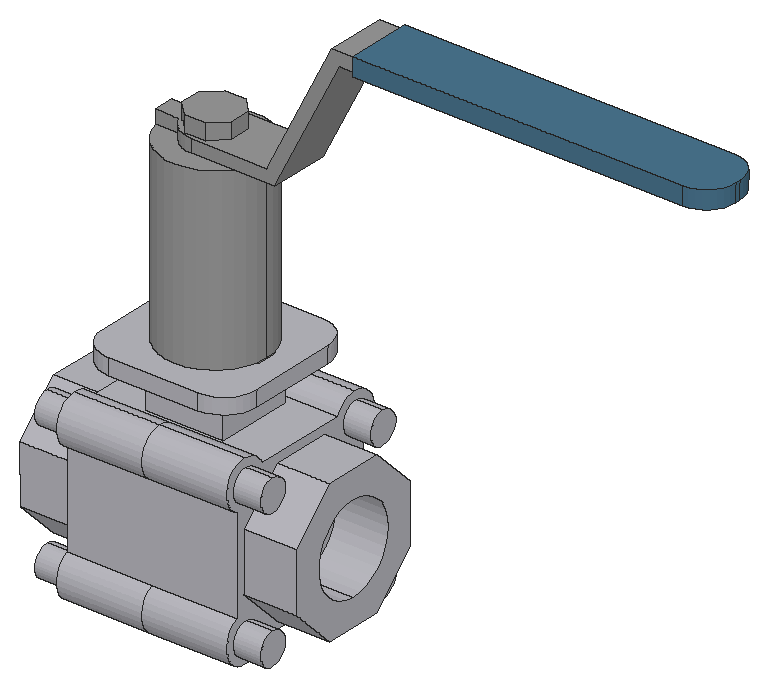
Revit family "320ASEK-Ball-Valve", category Pipe Accessories, Revit 2018
Family settings
  Round Connector Dimension = Use Diameter
  Part Type = Valve - Breaks Into
  OmniClass Number = 23.60.30.11.14
  OmniClass Title = Pipework Fittings
  Work Plane-Based = No
  Always vertical = Yes
  Cut with Voids When Loaded = No
  Shared = No
Parameters
  Z4 [instance] = size_lookup(LookupTable, "Z4", 0.000", Nominal Diameter)  # 0.920"
  Z3 [instance] = size_lookup(LookupTable, "Z3", 0.000", Nominal Diameter)  # 0.200"
  Weight [instance] = size_lookup(LookupTable, "Weight", "NA", Nominal Diameter)  # "4.59 lbs."
  URL = "http://www.fnw.com"
  Standards Lookup Table = "Standards"  # constant formula
  R3 [instance] = size_lookup(LookupTable, "R3", 0.000", Nominal Diameter)  # 1.24451"
  Product ID Handle [instance] = size_lookup(LookupTable, "ProductIDHandle", "NA", Nominal Diameter)  # "4448723"
  Product ID [instance] = size_lookup(LookupTable, "ProductID", "NA", Nominal Diameter)  # "4106062"
  Pipe Diameter [instance] = size_lookup(Standards Lookup Table, "copper", 0.000", Nominal Diameter)  # 1.125"
  Pins [instance] = Lm / 2  # 0.880"
  Pin Length [instance] = X2 * 4 + X3  # 2.8824"
  Pin Diameter [instance] = size_lookup(LookupTable, "m", 0.000", Nominal Diameter)  # 0.400"
  Pin Bung [instance] = Pin Diameter * 1.5  # 0.600"
  Part Number Handle [instance] = size_lookup(LookupTable, "PartNumberHandle", "NA", Nominal Diameter)  # "FNW320ASEKGH"
  Part Number [instance] = size_lookup(LookupTable, "PartNumber", "NA", Nominal Diameter)  # "FNW320AG"
  PIpe Radius [instance] = Pipe Diameter / 2  # 0.5625"
  NPT Insert [instance] = size_lookup(Standards Lookup Table, "NPT_insert", 0.000", Nominal Diameter)  # 0.6828"
  Manufacturer = "FNW"  # constant formula
  Lm [instance] = size_lookup(LookupTable, "lm", 0.000", Nominal Diameter)  # 1.760"
  Grip Pin4 [instance] = X3 / 2 + (X2 * 2)  # 1.4412"
  Gear [instance] = D3_Half - 0.063"  # 0.4295"
  Description BOM Handle [instance] = size_lookup(LookupTable, "Description_BOMHandle", "NA", Nominal Diameter)  # "1 - 1-1/4 STEM Extension Kit 320A BV"
  Description BOM [instance] = size_lookup(LookupTable, "Description_BOM", "NA", Nominal Diameter)  # "1 Stainless Steel 2000# Threaded 3 Piece Full Port BV"
  Z2 [instance] = size_lookup(LookupTable, "Z2", 0.000", Nominal Diameter)  # 0.300"
  Z1 [instance] = size_lookup(LookupTable, "Z1", 0.000", Nominal Diameter)  # 1.290"
  X3 [instance] = size_lookup(LookupTable, "X3", 0.000", Nominal Diameter)  # 1.4664"
  X2 [instance] = size_lookup(LookupTable, "X2", 0.000", Nominal Diameter)  # 0.354"
  X1 [instance] = size_lookup(LookupTable, "X1", 0.000", Nominal Diameter)  # 0.6828"
  Show Lever Clearance [instance] = no
  R2 [instance] = size_lookup(LookupTable, "R2", 0.000", Nominal Diameter)  # 1.04451"
  R1_Diam [instance] = R1 * 2  # 1.810"
  R1 [instance] = size_lookup(LookupTable, "R1", 0.000", Nominal Diameter)  # 0.905"
  Nominal Radius [instance] = Nominal Diameter / 2  # 0.500"
  Nominal Diameter [instance] = 1.000"
  LookupTable = "320ASEK-Ball-Valve"  # constant formula
  HexAngle1 [instance] = 135.00°  # constant formula
  D4 [instance] = size_lookup(LookupTable, "D4", 0.000", Nominal Diameter)  # 0.5625"
  D3_Half [instance] = D3 / 2  # 0.4925"
  D3 [instance] = size_lookup(LookupTable, "D3", 0.000", Nominal Diameter)  # 0.985"
  D2_Half [instance] = D2 / 2  # 0.73875"
  D2 [instance] = size_lookup(LookupTable, "D2", 0.000", Nominal Diameter)  # 1.4775"
  D1_Half [instance] = D1 / 2  # 0.985"
  D1 [instance] = size_lookup(LookupTable, "D1", 0.000", Nominal Diameter)  # 1.970"
  Body_W [instance] = Lm / 2 + 0.125"  # 1.005"
  1_Z5 [instance] = size_lookup(LookupTable, "1_Z5", 0.000", Nominal Diameter)  # 0.250"
  1_Z4 [instance] = size_lookup(LookupTable, "1_Z4", 0.000", Nominal Diameter)  # 0.125"
  1_Z3 [instance] = size_lookup(LookupTable, "1_Z3", 0.000", Nominal Diameter)  # 2.283"
  1_Z2 [instance] = size_lookup(LookupTable, "1_Z2", 0.000", Nominal Diameter)  # 0.1644"
  1_Z1 [instance] = size_lookup(LookupTable, "1_Z1", 0.000", Nominal Diameter)  # 1.66135"
  1_Y1 [instance] = size_lookup(LookupTable, "1_Y1", 0.000", Nominal Diameter)  # 0.760"
  1_X6 [instance] = size_lookup(LookupTable, "1_X6", 0.000", Nominal Diameter)  # 0.375"
  1_X5 [instance] = size_lookup(LookupTable, "1_X5", 0.000", Nominal Diameter)  # 0.375"
  1_X4 [instance] = size_lookup(LookupTable, "1_X4", 0.000", Nominal Diameter)  # 0.90315"
  1_X3 [instance] = size_lookup(LookupTable, "1_X3", 0.000", Nominal Diameter)  # 6.690"
  1_X2 [instance] = size_lookup(LookupTable, "1_X2", 0.000", Nominal Diameter)  # 0.83068"
  1_X1 [instance] = size_lookup(LookupTable, "1_X1", 0.000", Nominal Diameter)  # 1.8063"
  1_D1 [instance] = size_lookup(LookupTable, "1_D1", 0.000", Nominal Diameter)  # 1.3138"
Reference planes (in)
  plane 1 "Center (Front/Back)": y = 0
  plane 2: z = 0
  plane 3 "Center (Left/Right)": x = 0
  plane 4 "X7 End": x = -1.77
  plane 5: x = -0.7332
  plane 6: x = 0.7332
  plane 7: x = 1.77
  plane 8 "Pipe radius": z = 0.5625
  plane 9 "NPT": x = -1.0872
  plane 10: z = 0.905
  plane 11: z = 1.29
  plane 12: z = 1.59
  plane 13 "top of pad": z = 1.79
  plane 14: x = 1.0872
  plane 15: x = -1.0872
  plane 16: y = -0.88
  plane 17: z = -0.88
  plane 18: z = 0.88
  plane 19: y = 0.88
  plane 20: x = 10.098
  plane 21: x = -6.87
  plane 22: y = 2.5
  plane 23: y = -2.5
  plane 24: y = -0.88
  plane 25: z = -0.88
  plane 26: z = 0.88
  plane 27: y = 0.88
  plane 28: through (0, 0, 0) normal (0, 0.7071, -0.7071)
  plane 29: through (0, 0, 0) normal (0, 0.7071, 0.7071)
  plane 30: y = -0.88
  plane 31: y = 0.88
  plane 32: y = -1.465
  plane 33: z = -1.465
  plane 34: z = 1.465
  plane 35: y = 1.465
  plane 36 "Pin Plane": x = -1.4412
  plane 37 "NPT 3": x = 1.77
  plane 38: x = 1.4412
  plane 39: z = -1.27275
  plane 40 "LM": z = 1.27275
Forms (in)
  Extrusion 1, solid, material "Steel, Stainless", not visible
    sketch origin (-1.0872, 0, 0) x (0, 0, 1) y (0, -1, 0)
      loop
        circle (0, 0) r 0.5
    from 0 to 2.1744
  Extrusion 2, solid, material "Steel, Stainless"
    sketch origin (1.4276, 0, 0) x (0, 0, 1) y (0, -1, 0)
      loop
        line (-0.37486, -0.905) -> (0.37486, -0.905) -> (0.905, -0.37486) -> (0.905, 0.37486) -> (0.37486, 0.905) -> (-0.37486, 0.905) -> (-0.905, 0.37486) -> (-0.905, -0.37486) -> (-0.37486, -0.905)
      loop
        circle (0, 0) r 0.5625
    from -3.1976 to 0.3424
  Extrusion 3, solid, material "Steel, Stainless"
    sketch origin (0, 0, 0.865) x (-1, 0, 0) y (0, -1, 0)
      loop
        arc (0.56833, -0.985) -> (0.86296, -0.86296) -> (0.985, -0.56833) r 0.41667
        line (0.985, -0.56833) -> (0.985, 0.56833)
        arc (0.985, 0.56833) -> (0.86296, 0.86296) -> (0.56833, 0.985) r 0.41667
        line (0.56833, 0.985) -> (-0.56833, 0.985)
        arc (-0.56833, 0.985) -> (-0.86296, 0.86296) -> (-0.985, 0.56833) r 0.41667
        line (-0.985, 0.56833) -> (-0.985, -0.56833)
        arc (-0.985, -0.56833) -> (-0.86296, -0.86296) -> (-0.56833, -0.985) r 0.41667
        line (-0.56833, -0.985) -> (0.56833, -0.985)
      loop
        circle (0, 0) r 0.4925
      loop
        circle (0, 0) r 0.4295
    from 0.725 to 0.925
  Extrusion 4, solid, material "Steel, Stainless"
    sketch origin (0, 0, 0.865) x (-1, 0, 0) y (0, -1, 0)
      loop
        line (0.4925, -0.4925) -> (0.4925, 0.4925) -> (-0.4925, 0.4925) -> (-0.4925, -0.4925) -> (0.4925, -0.4925)
    from -0.3025 to 0.725
  Extrusion 5, solid, material "Steel, Stainless"
    sketch origin (0, 0, 0.865) x (-1, 0, 0) y (0, -1, 0)
      loop
        line (0.21875, -0.21875) -> (0.21875, 0.21875) -> (-0.21875, 0.21875) -> (-0.21875, -0.21875) -> (0.21875, -0.21875)
    from 0.425 to 0.925
  Extrusion 6, solid, material "Steel, Stainless"
    sketch origin (-1.0872, 0, 0) x (0, 0, 1) y (0, -1, 0)
      loop
        circle (0.88, 0.88) r 0.2
      loop
        circle (0.88, -0.88) r 0.2
      loop
        circle (-0.88, -0.88) r 0.2
      loop
        circle (-0.88, 0.88) r 0.2
    from -0.354 to 2.5284
  Extrusion 7, solid, material "Steel, Stainless"
    sketch origin (-1.0872, 0, 0) x (0, 0, 1) y (0, -1, 0)
      loop
        circle (0.88, -0.88) r 0.3
      loop
        circle (0.88, 0.88) r 0.3
      loop
        circle (-0.88, 0.88) r 0.3
      loop
        circle (-0.88, -0.88) r 0.3
    from 0 to 1.0872
  Extrusion 8, solid, material "Steel, Stainless"
    sketch origin (-1.0872, 0, 0) x (0, 0, 1) y (0, -1, 0)
      loop
        circle (0.88, -0.88) r 0.3
      loop
        circle (0.88, 0.88) r 0.3
      loop
        circle (-0.88, 0.88) r 0.3
      loop
        circle (-0.88, -0.88) r 0.3
    from 1.0872 to 2.1744
  Extrusion 9, solid, material "Steel, Stainless"
    sketch origin (-1.4412, 0, 0) x (0, 0, 1) y (0, -1, 0)
      loop
        line (1.005, -1.005) -> (1.005, 1.005) -> (-1.005, 1.005) -> (-1.005, -1.005) -> (1.005, -1.005)
    from 0.354 to 2.5284
Cuts and joins
  joined: Extrusion 7, Extrusion 8, Extrusion 9
Dimensions and locks (in)
  "PIpe Radius": plane 8 "Pipe radius" to plane 2
  "X1": plane 4 "X7 End" to plane 9 "NPT"
  "R1": Extrusion 2 sketch curve to plane 1 "Center (Front/Back)"
  "R1": plane 1 "Center (Front/Back)" to Extrusion 2 sketch curve  (x5)
  "R1": plane 2 to Extrusion 2 sketch curve  (x2)
  "R1": plane 10 to plane 2
  "Z1": plane 11 to plane 2
  "Z2": plane 12 to plane 11
  "Z3": plane 13 "top of pad" to plane 12
  "X2": plane 5 to plane 9 "NPT"
  "D1_Half": Extrusion 3 sketch curve to plane 3 "Center (Left/Right)"
  "D1_Half": plane 3 "Center (Left/Right)" to Extrusion 3 sketch curve
  "D1_Half": plane 1 "Center (Front/Back)" to Extrusion 3 sketch curve
  "D1_Half": Extrusion 3 sketch curve to plane 1 "Center (Front/Back)"
  "D3_Half": Extrusion 4 sketch curve to plane 3 "Center (Left/Right)"
  "D3_Half": plane 3 "Center (Left/Right)" to Extrusion 4 sketch curve
  "D3_Half": plane 1 "Center (Front/Back)" to Extrusion 4 sketch curve  (x2)
  "NPT Insert": plane 4 "X7 End" to plane 15
  equal spacing: Extrusion 5 sketch curve, plane 1 "Center (Front/Back)", Extrusion 5 sketch curve
  Extrusion 5 sketch curve to Extrusion 5 sketch curve = 0.4375"  (x2)
  equal spacing: Extrusion 5 sketch curve, plane 3 "Center (Left/Right)", Extrusion 5 sketch curve
  "Pins": plane 2 to plane 18
  "Pins": plane 2 to plane 17
  "Pins": plane 1 "Center (Front/Back)" to plane 16
  "Pins": plane 19 to plane 1 "Center (Front/Back)"
  equal spacing: plane 22, plane 1 "Center (Front/Back)", plane 23
  plane 22 to plane 23 = 5.000"
  "Pins": plane 27 to plane 1 "Center (Front/Back)" to plane 24
  "Pins": plane 25 to plane 2 to plane 26
  plane 31 to plane 30 = 1.760"
  equal spacing: plane 31, plane 1 "Center (Front/Back)", plane 30
  "Lm": plane 31 to plane 30
  plane 35 to plane 32 = 2.930"
  plane 33 to plane 34 = 2.930"
  "X2": plane 14 to plane 6
  "X2": plane 15 to plane 36 "Pin Plane"
  equal spacing: plane 6, plane 3 "Center (Left/Right)", plane 5
  "X3": plane 6 to plane 5
  "X1": plane 37 "NPT 3" to plane 14
  "Grip Pin4": Extrusion 6 to plane 3 "Center (Left/Right)"
  "X2": plane 38 to plane 14
  "NPT Insert": plane 7 to plane 14
  "Body_W": Extrusion 9 sketch curve to plane 2
  "Body_W": plane 1 "Center (Front/Back)" to Extrusion 9 sketch curve
  "Body_W": plane 2 to Extrusion 9 sketch curve
  "Body_W": Extrusion 9 sketch curve to plane 1 "Center (Front/Back)"
  "Nominal Radius": radius of Extrusion 1 sketch curve
  "PIpe Radius": radius of Extrusion 2 sketch curve
  radius of Extrusion 3 sketch curve = 0.41667"  (x4)
  "D3_Half": radius of Extrusion 3 sketch curve
  "Gear": radius of Extrusion 3 sketch curve
  "Pin Diameter": diameter of Extrusion 6 sketch curve  (x4)
  "Pin Bung": diameter of Extrusion 7 sketch curve  (x4)
  "Pin Bung": diameter of Extrusion 8 sketch curve  (x4)
  angle Extrusion 2 sketch curve to Extrusion 2 sketch curve = 135.00°  (x7)
  aligned and locked: plane 2 to level
  aligned and locked: plane 4 "X7 End" to Extrusion 2
  aligned and locked: Extrusion 3 to plane 12
  aligned and locked: plane 13 "top of pad" to Extrusion 3
  aligned and locked: Extrusion 4 to plane 8 "Pipe radius"
  aligned and locked: Extrusion 1 to plane 15
  aligned and locked: plane 12 to Extrusion 4
  aligned and locked: Extrusion 5 to plane 11
  aligned and locked: Extrusion 7 to plane 9 "NPT"
  aligned and locked: Extrusion 8 to Extrusion 1
  aligned and locked: plane 14 to Extrusion 8
  aligned and locked: Extrusion 2 to plane 37 "NPT 3"
  aligned and locked: plane 13 "top of pad" to Extrusion 5
  aligned and locked: Extrusion 6 to plane 36 "Pin Plane"
  aligned and locked: plane 3 "Center (Left/Right)" to Extrusion 7
  aligned and locked: Extrusion 8 to plane 3 "Center (Left/Right)"
  aligned and locked: Extrusion 9 to plane 9 "NPT"
  aligned and locked: Extrusion 9 to Extrusion 1
Automatic sketch dimensions
  Extrusion 1 sketch curve to level = 0.000"
  Extrusion 1 sketch curve to plane 1 "Center (Front/Back)" = 0.000"
  Extrusion 2 sketch curve to level = 0.000"
  Extrusion 2 sketch curve to plane 1 "Center (Front/Back)" = 0.000"
  Extrusion 3 sketch curve to Extrusion 3 sketch curve = 0.000"  (x2)
  plane 1 "Center (Front/Back)" to Extrusion 3 sketch curve = 0.000"
  Extrusion 3 sketch curve to plane 3 "Center (Left/Right)" = 0.000"
  Extrusion 6 sketch curve to plane 17 = 0.000"  (x2)
  Extrusion 6 sketch curve to plane 16 = 0.000"  (x2)
  plane 18 to Extrusion 6 sketch curve = 0.000"  (x2)
  Extrusion 6 sketch curve to plane 19 = 0.000"  (x2)
  Extrusion 7 sketch curve to plane 24 = 0.000"  (x2)
  Extrusion 7 sketch curve to plane 25 = 0.000"  (x2)
  plane 26 to Extrusion 7 sketch curve = 0.000"  (x2)
  Extrusion 7 sketch curve to plane 27 = 0.000"  (x2)
  plane 28 to Extrusion 8 sketch curve = 0.000"  (x2)
  Extrusion 8 sketch curve to plane 30 = 0.000"  (x2)
  plane 29 to Extrusion 8 sketch curve = 0.000"  (x2)
  Extrusion 8 sketch curve to plane 31 = 0.000"  (x2)
Nested families (in)
  nested 1: "Nested Lever Ex 320A" at (0, 0, 1.79), Show Lever Clearance <- "Show Lever Clearance", Description BOM <- "Description BOM Handle", Part Number <- "Part Number Handle", Product ID <- "Product ID Handle", Z3 <- "Z3", 1_Z2 <- "1_Z2", 1_Z1 <- "1_Z1", 1_Y1 <- "1_Y1", 1_X3 <- "1_X3", 1_X2 <- "1_X2", 1_X1 <- "1_X1", D3 <- "D3", 1_Z3 <- "1_Z3", 1_Z4 <- "1_Z4", 1_Z5 <- "1_Z5", 1_D1 <- "1_D1", type "Nested Lever Ex 320A"
    with Zero 0.000", Z6 0.125", Z3 0.200", Z1_Z2 0.91288", Void_Outer_Radius 0.4425", Void_Outer 0.885", Tab_Width 0.4425", Tab_Height_Center 0.83068", Show Lever Clearance no, Product ID "4448723", Part Number "FNW320ASEKGH", Nut 0.635", Lock_Tab_Width 1.010", Lock Tab 0.500", Hypotenuse_Tab_Center 0.92872", Grip_L3 0.2269", Grip_L2 0.19565", Grip_L1 0.03125", Description BOM "1 - 1-1/4 STEM Extension Kit 320A BV", D3_Half 0.32833", D3 0.985", Clearance Hieght 6.000", Angle Hex Head 135.00°, Ang_Constraint 39.81°, 1_Z5 0.250", 1_Z4 0.125", 1_Z3 2.283", 1_Z2_X2 0.3288", 1_Z2_Half 0.0822", 1_Z2 0.1644", 1_Z1_Quarter 0.49754", 1_Z1 1.66135", 1_Y1_Half 0.380", 1_Y1 0.760", 1_X3 6.690", 1_X2_Quarter 0.20767", 1_X2_Half 0.41534", 1_X2 0.83068", 1_X1 1.8063", 1_D1_Half 0.6569", 1_D1 1.3138", 0Grip 2.125"
Connectors (in)
  piping at (-1.0872, 0, 0), diameter 1, driven by "Nominal Diameter"
    settings: on Extrusion 1, index 1, connector inside diameter 24", connector length 0.000", flow factor 0, pipe flow 0 GPM, pressure drop 0.00 psi, fitting loss kfactor 0, connector angle 0.00°, fixture units 0, engagement length 0.000", angle of deflection 0.00°, flow configuration 0, flow direction 0, fitting loss method 0, system type 7, joint type 0, gender type 0, connector reference index 2, connector utility 0, adjustable connector no, is connector primary yes, connector description ""
  piping at (1.0872, 0, 0), diameter 1, driven by "Nominal Diameter"
    settings: on Extrusion 1, index 2, connector inside diameter 24", connector length 0.000", flow factor 0, pipe flow 0 GPM, pressure drop 0.00 psi, fitting loss kfactor 0, connector angle 0.00°, fixture units 0, engagement length 0.000", angle of deflection 0.00°, flow configuration 0, flow direction 0, fitting loss method 0, system type 7, joint type 0, gender type 0, connector reference index 1, connector utility 0, adjustable connector no, is connector primary no, connector description ""
Definition of nested family "Nested Lever Ex 320A"
  Parameters (values of type "Nested Lever Ex 320A")
    Zero [instance] = 0.000"  # constant formula
    Z6 [instance] = 0.125"
    Z3 [instance] = 0.125"
    Z1_Z2 [instance] = ([1_Z1] + [1_Z2]) / 2  # 0.71875"
    Tab_Width [instance] = [1_Y1_Half] + (Grip_L1 * 2)  # 1.0625"
    Tab_Height_Center [instance] = [1_Z1] / 2  # 0.625"
    Product ID [instance] = ""
    Part Number [instance] = ""
    Nut [instance] = [1_Y1] - 0.125"  # 1.875"
    Lock_Tab_Width [instance] = [1_Y1] + 0.250"  # 2.250"
    Lock Tab [instance] = 0.500"  # constant formula
    Hypotenuse_Tab_Center [instance] = sqrt(Tab_Height_Center ^ 2 + [1_X2_Half] ^ 2)  # 0.97628"
    Description BOM [instance] = ""
    Angle 2 = 45.00°  # constant formula
    Ang_Constraint [instance] = 39.81°  # constant formula
    1_Z5 [instance] = 0.69253"
    1_Z4 [instance] = 0.31083"
    1_Z3 [instance] = 4.14213"
    1_Z2_X2 [instance] = [1_Z2] * 2  # 0.375"
    1_Z2 [instance] = 0.1875"
    1_Z1_Quarter [instance] = [1_Z1] / 4 + ([1_Z2_Half])  # 0.40625"
    1_Z1 [instance] = 1.250"
    1_Y1_Half [instance] = [1_Y1] / 2  # 1.000"
    1_Y1 [instance] = 2.000"
    1_X3 [instance] = 15.65095"
    1_X2_Quarter [instance] = [1_X2] / 4  # 0.375"
    1_X2_Half [instance] = [1_X2] / 2  # 0.750"
    1_X1 [instance] = 2.500"
    1_X2 [instance] = 1.500"
    Void_Outer_Radius [instance] = Void_Outer / 2  # 1.0625"
    Void_Outer [instance] = [1_Y1] + Grip_L1 * 4  # 2.125"
    Show Lever Clearance [instance] = yes
    Grip_L3 [instance] = Grip_L1 + Grip_L2  # 0.250"
    Grip_L1 [instance] = 0.03125"  # constant formula
    Grip_L2 [instance] = [1_Z2] + Grip_L1  # 0.21875"
    Default Elevation = 48.000"
    D3_Half [instance] = D3 / 3  # 0.23251"
    D3 [instance] = 0.69752"
    Clearance Hieght [instance] = 6.000"  # constant formula
    Angle Hex Head [instance] = 135.00°  # constant formula
    1_Z2_Half [instance] = [1_Z2] / 2  # 0.09375"
    1_D1_Half [instance] = [1_D1] / 2  # 1.000"
    1_D1 [instance] = 2.000"
    0Grip [instance] = 2.125"  # constant formula
  Reference planes (in)
    plane 1 "Center (Front/Back)": y = 0
    plane 2: z = 0
    plane 3 "Center (Left/Right)": x = 0
    plane 4: y = 1
    plane 5: y = -1
    plane 6: y = 1.03125
    plane 7: y = -1.03125
    plane 8: y = 0.5
    plane 9: y = -0.5
    plane 10: x = 2.25
    plane 11: z = 4.32963
    plane 12: x = 15.65095
    plane 13: x = 1.4375
    plane 14: x = 2.9375
    plane 15: z = 5.57963
    plane 16: z = 5.39213
    plane 17: z = 4.45463
    plane 18: z = 5.61088
    plane 19: z = 5.36088
    plane 20: x = 3.15625
    plane 21: z = 3.82963
    plane 22: x = -1.0625
    plane 23: x = 0.23251
    plane 24: x = 1
    plane 25: x = -1
    plane 26: z = -0.69253
    plane 27: z = -0.31083
    plane 28 "Lever Base": z = 4.14213
    plane 29: y = 0.133
    plane 30: y = -0.133
    plane 31: x = 0.1875
  Forms (in)
    Extrusion 1, solid
      sketch origin (0, 0, 0) x (1, 0, 0) y (0, 1, 0)
        loop
          line (-48, 48) -> (-48, -48) -> (48, -48) -> (48, 48) -> (-48, 48)
      from 0 to -12
    Extrusion 2, solid
      sketch origin (0, 0, 8.25) x (1, 0, 0) y (0, 0, 1)
        loop
          line (1.14462, -4.10787) -> (1.4375, -4.10787) -> (2.9375, -2.85787) -> (4.15625, -2.85787) -> (4.15625, -2.67037) -> (2.86962, -2.67037) -> (1.14462, -4.10787)
      from -1 to 1
    Extrusion 3, solid
      sketch origin (0, 0, 8.25) x (1, 0, 0) y (0, 1, 0)
        loop
          line (0.9375, 0.38833) -> (0.38833, 0.9375) -> (-0.38833, 0.9375) -> (-0.9375, 0.38833) -> (-0.9375, -0.38833) -> (-0.38833, -0.9375) -> (0.38833, -0.9375) -> (0.9375, -0.38833) -> (0.9375, 0.38833)
      from -3.92037 to -3.79537
    Extrusion 4, solid
      sketch origin (0, 0, 8.25) x (1, 0, 0) y (0, 1, 0)
        loop
          line (14.65095, 1.03125) -> (3.15625, 1.03125) -> (3.15625, -1.03125) -> (14.65095, -1.03125)
          arc (14.65095, -1.03125) -> (15.35806, -0.73836) -> (15.65095, -0.03125) r 1
          line (15.65095, -0.03125) -> (15.65095, 0.03125)
          arc (15.65095, 0.03125) -> (15.35806, 0.73836) -> (14.65095, 1.03125) r 1
      from -2.88912 to -2.63912
    Extrusion 5, solid, visible <- "Show Lever Clearance"
      sketch origin (2.98898, 0, 4.14213) x (0, 1, 0) y (-1, 0, 0)
        loop
          line (1, 1) -> (-12.66198, 1)
          arc (-12.66198, 1) -> (-8.66048, -8.66048) -> (1, -12.66198) r 13.66198
          line (1, -12.66198) -> (1, 1)
      from 0 to 6 <- "Clearance Hieght"
    Extrusion 6, solid
      sketch origin (0, 0, 8.25) x (1, 0, 0) y (0, 1, 0)
        loop
          line (1.4375, -1) -> (1.4375, 1) -> (0, 1) -> (0, -1) -> (1.4375, -1)
      from -4.10787 to -3.92037
    Revolve 7, solid
      sketch origin (0, 0, 0) x (1, 0, 0) y (0, 0, 1)
        loop
          line (0, 0) -> (1, 0) -> (1, 4.14213) -> (0.625, 4.14213) -> (0.625, 0.28036) -> (0, 0.28036) -> (0, 0)
        axis (0, 4.14213) -> (0, 0)
      angle from 0 to 360
    Extrusion 8, solid
      sketch origin (0, 0, 0) x (1, 0, 0) y (0, 1, 0)
        loop
          line (-1, 0.133) -> (-1, -0.133) -> (-0.8125, -0.133) -> (-0.8125, 0.133) -> (-1, 0.133)
      from -0.69253 to 0
    Extrusion 9, solid
      sketch origin (0, 0, 0) x (1, 0, 0) y (0, 1, 0)
        loop
          line (-1, 0.133) -> (-1, -0.133) -> (-0.875, -0.133) -> (-0.875, 0.133) -> (-1, 0.133)
      from 3.64213 to 4.14213
    Extrusion 10, solid
      sketch origin (0, 0, 0) x (-1, 0, 0) y (0, -1, 0)
        loop
          line (-1, -0.133) -> (-0.8125, -0.133) -> (-0.8125, 0.133) -> (-1, 0.133) -> (-1, -0.133)
      from -0.31083 to 0
    Extrusion 11, solid
      sketch origin (0, 0, 0) x (1, 0, 0) y (0, 1, 0)
        loop
          circle (0, 0) r 1
      from 4.14213 to 4.32963
    Extrusion 12, solid
      sketch origin (0, 0, 4.14213) x (0, 1, 0) y (-1, 0, 0)
        loop
          line (0.133, 1) -> (-0.133, 1) -> (-0.133, 0) -> (0.133, 0) -> (0.133, 1)
      from 0 to 0.1875
  Cuts and joins
    joined: Extrusion 2, Extrusion 6, Extrusion 9, Extrusion 11, Extrusion 12
  Lines and regions (in)
    reference lines
      curve 1: line (0, 0, 7.6012) -> (0, 0, 3.32963)
  Dimensions and locks (in)
    equal spacing: plane 4, plane 1 "Center (Front/Back)", plane 5
    "1_Y1": plane 4 to plane 5
    "Grip_L1": plane 5 to plane 7
    "Grip_L1": plane 6 to plane 4
    equal spacing: plane 9, plane 1 "Center (Front/Back)", plane 8
    "1_Y1_Half": plane 9 to plane 8
    "1_X3": plane 12 to plane 3 "Center (Left/Right)"
    "1_X2": plane 14 to plane 13
    "1_Z2": plane 15 to plane 16
    equal spacing: Extrusion 3 sketch curve, curve 1, Extrusion 3 sketch curve  (x4)
    "Nut": Extrusion 3 sketch curve to Extrusion 3 sketch curve  (x4)
    "Grip_L1": plane 18 to plane 15
    "Grip_L2": plane 15 to plane 19
    "Grip_L2": plane 20 to plane 14
    Extrusion 5 sketch curve to Extrusion 5 sketch curve = 13.66198"  (x2)
    "D3_Half": plane 23 to plane 3 "Center (Left/Right)"
    equal spacing: plane 25, plane 3 "Center (Left/Right)", plane 24
    "1_D1": plane 25 to plane 24
    "1_Z4": plane 27 to plane 2
    "1_Z5": plane 26 to plane 2
    "Lock Tab": plane 21 to plane 11
    "1_Z3": plane 2 to plane 28 "Lever Base"
    "1_Z2_X2": Revolve 7 sketch curve to plane 24
    equal spacing: Extrusion 8 sketch curve, plane 1 "Center (Front/Back)", Extrusion 8 sketch curve
    Extrusion 8 sketch curve to Extrusion 8 sketch curve = 0.26599"
    "1_Z2": plane 25 to Extrusion 8 sketch curve
    Extrusion 9 sketch curve to Extrusion 9 sketch curve = 0.26599"  (x2)
    "Lock Tab": plane 28 "Lever Base" to Extrusion 9
    "1_Z2": plane 28 "Lever Base" to plane 11
    "Z3": plane 11 to plane 17
    plane 11 to plane 15 = 1.250"
    Extrusion 10 sketch curve to Extrusion 10 sketch curve = 0.26599"  (x2)
    "1_Z2": Extrusion 10 to plane 24
    plane 12 to plane 3 "Center (Left/Right)" = 15.65095"
    "1_Z2": plane 15 to Extrusion 2
    equal spacing: plane 29, plane 1 "Center (Front/Back)", plane 30
    "1_Z2": plane 31 to plane 3 "Center (Left/Right)"
    equal spacing: plane 13, plane 31, plane 22
    "1_X1": plane 13 to plane 22
    "1_Z2": Extrusion 2 sketch curve to Extrusion 2 sketch curve
    "1_Z1": plane 15 to plane 11
    "1_Y1_Half": radius of Extrusion 4 sketch curve  (x2)
    radius of Extrusion 5 sketch curve = 13.66198"
    "1_Y1_Half": radius of Extrusion 11 sketch curve
    "Angle Hex Head": angle Extrusion 3 sketch curve to Extrusion 3 sketch curve  (x6)
    aligned and locked: plane 2 to Extrusion 1
    aligned and locked: level to Extrusion 1
    aligned and locked: plane 16 to Extrusion 2 sketch curve
    aligned and locked: plane 15 to Extrusion 2 sketch curve
    aligned and locked: curve 1 to plane 3 "Center (Left/Right)"
    aligned and locked: plane 11 to Extrusion 3
    aligned and locked: Extrusion 3 to plane 17
    aligned and locked: Extrusion 4 sketch curve to plane 20
    aligned and locked: Extrusion 4 to plane 19
    aligned and locked: Extrusion 4 to plane 18
    aligned and locked: plane 13 to Extrusion 6 sketch curve
    aligned and locked: plane 24 to Revolve 7 sketch curve
    aligned and locked: Extrusion 8 to plane 26
    aligned and locked: plane 28 "Lever Base" to Extrusion 9
    aligned and locked: plane 27 to Extrusion 10
    aligned and locked: plane 12 to Extrusion 5
    aligned and locked: plane 4 to Extrusion 2
    aligned and locked: Extrusion 2 to plane 5
    aligned and locked: plane 4 to Extrusion 6 sketch curve
    aligned and locked: plane 5 to Extrusion 6 sketch curve
    aligned and locked: Extrusion 6 to plane 3 "Center (Left/Right)"
    aligned and locked: Extrusion 11 to plane 11
    aligned and locked: Extrusion 11 to Extrusion 5
    aligned and locked: Extrusion 6 to Extrusion 5
    aligned and locked: Extrusion 6 to plane 11
    aligned and locked: Extrusion 12 sketch curve to plane 25
    aligned and locked: Extrusion 12 to plane 11
    aligned and locked: Revolve 7 to plane 28 "Lever Base"
  Automatic sketch dimensions
    Extrusion 1 sketch curve to Extrusion 1 sketch curve = 96.000"  (x2)
    plane 21 to curve 1 = 0.500"
    plane 18 to curve 1 = 1.99032"
    Extrusion 9 sketch curve to plane 25 = 0.000"
    Extrusion 9 sketch curve to Extrusion 9 sketch curve = 0.125"
    plane 1 "Center (Front/Back)" to Extrusion 9 sketch curve = 0.133"
    Extrusion 10 sketch curve to plane 24 = 0.000"
    Extrusion 10 sketch curve to Extrusion 10 sketch curve = 0.1875"
    Extrusion 10 sketch curve to plane 1 "Center (Front/Back)" = 0.133"
    Extrusion 5 sketch curve to plane 25 = 2.98898"
    Extrusion 5 sketch curve to plane 4 = 0.000"
    Extrusion 6 sketch curve to plane 25 = 1.000"
    Extrusion 12 sketch curve to plane 30 = 0.000"
    plane 29 to Extrusion 12 sketch curve = 0.000"
    Extrusion 12 sketch curve to plane 3 "Center (Left/Right)" = 0.000"
    Extrusion 2 sketch curve to plane 28 "Lever Base" = 0.000"
    plane 13 to Extrusion 2 sketch curve = 0.000"
    Extrusion 2 sketch curve to plane 14 = 0.000"
    plane 20 to Extrusion 2 sketch curve = 1.000"
    plane 6 to Extrusion 4 sketch curve = 0.000"
    plane 7 to Extrusion 4 sketch curve = 0.000"
    Extrusion 4 sketch curve to plane 12 = 0.000"
    Revolve 7 sketch curve to plane 3 "Center (Left/Right)" = 0.000"  (x2)
    Revolve 7 sketch curve to level = 0.000"
    Revolve 7 sketch curve to plane 28 "Lever Base" = 0.000"
    level to Revolve 7 sketch curve = 0.28036"
    Revolve 7 sketch curve to plane 26 = 2.83452"
    plane 21 to Revolve 7 sketch curve = 0.750"
    Extrusion 8 sketch curve to plane 25 = 0.000"
    plane 1 "Center (Front/Back)" to Extrusion 11 sketch curve = 0.000"
    Extrusion 11 sketch curve to plane 3 "Center (Left/Right)" = 0.000"
